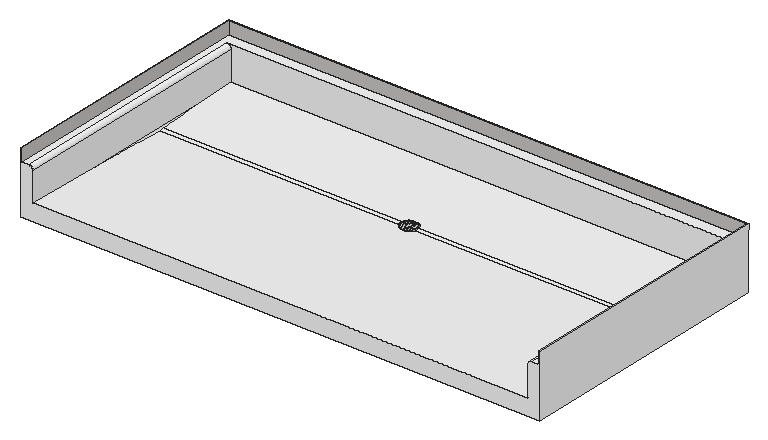
Revit family "Shower_Base-Acorn-Terrazzo_Ware-SBADA-6030-3F", category Plumbing Fixtures, Revit 2019
Family settings
  Round Connector Dimension = Use Diameter
  Part Type = Normal
  OmniClass Number = 23.45.05.14.17
  OmniClass Title = Showers
  Work Plane-Based = Yes
  Always vertical = No
  Cut with Voids When Loaded = No
  Shared = Yes
  Room Calculation Point = No
Parameters (values of type "SBADA-6030-3F")
  Waste Connection Radius = 1.00"
  Waste Connection Diameter = 2.00"  # constant formula
  Waste Connection = yes
  WFU = 4  # constant formula
  Vent Connection = no
  VRSVandal Resistant Strainer = no
  URL = "https://www.acorneng.com/"
  Strainer Finish = Metal-Acorn-Stainless Steel
  Product Page URL = "https://www.acorneng.com/terrazzo-shower-base-sbada-6030-3f"
  Product Documentation Link = "https://www.acorneng.com/uploads/fileLibrary/sbada.pdf"
  Other = 0.61984"
  Model = "SBADA-6030-3F"
  Material = "Precast Terazzo-Acorn-White"
  Manufacturer = "Acorn Engineering"
  KDG2Drain Gasket 2" = no
  Installation Type = "Floor Mounted"
  Height = 7.50"
  HWFU = 3  # constant formula
  HW Connection = no
  Flange Material = Metal-Acorn-Galvanized Steel
  Finish = Precast Terazzo-Acorn-White
  A-Dimension = 60.00"
  B-Dimension = 30.00"
  Description = "60\" x 30\" ID Terrazzo ADA Shower Base"
  Default Elevation = 0.00"
  Creation Date = "04/12/2023"  # constant formula
  Compressive Strength = "3,000 PSI"
  Compliance Certifications = "Terrazzo Shower Bases have Third Party Certification of conformance with\r\nCSA B45.8/IAPMO Z403 Terrazzo, Concrete and Natural Stone Plumbing Fixtures"
  CWFU = 3  # constant formula
  CW Connection = no
  D-Dimension = 31.50"
  Assembly Code = "D2010710"
  ADA Compliant = yes
  C-Dimension = 63.00"
Reference planes (in)
  plane 1 "Center (Front/Back)": y = 0
  plane 2: z = 0
  plane 3 "Center (Left/Right)": x = 0
  plane 4: x = -31.5
  plane 5: x = 31.5
  plane 6: y = 11.69
  plane 7: y = -19.81
  plane 8: x = 42.25
  plane 9: x = -30
  plane 10: x = 30
  plane 11: z = 6
  plane 12: z = 7.5
  plane 13: y = 14.75
  plane 14: z = 1.5
  plane 15: y = 10.19
  plane 16: y = -0.31
Forms (in)
  Sweep 1, solid, material "Precast Terazzo-Acorn-White" <- "Finish"
    path origin (0, 0, 0) x (1, 0, 0) y (0, 1, 0)
      loop
        line (-31.5, -19.81) -> (-31.5, 11.69) -> (31.5, 11.69) -> (31.5, -19.81)
    profile origin (-31.5, -4.06, 0) x (-1, 0, 0) y (0, 0, 1)
      loop
        line (0, 0) -> (0, 7.5) -> (-0.125, 7.5) -> (-0.125, 6) -> (-1, 6)
        arc (-1, 6) -> (-1.35355, 5.85355) -> (-1.5, 5.5) r 0.5
        line (-1.5, 5.5) -> (-1.5, 1.75)
        arc (-1.5, 1.75) -> (-1.64645, 1.39645) -> (-2, 1.25) r 0.5
        line (-2, 1.25) -> (-2.625, 1.25) -> (-2.625, 0) -> (0, 0)
  Extrusion 2, solid, material "Precast Terazzo-Acorn-White" <- "Finish"
    sketch origin (0, 0, 0) x (0, 1, 0) y (0, 0, 1)
      loop
        line (-19.81, 0) -> (11.69, 0) -> (11.69, 6) -> (10.19, 6) -> (10.19, 2) -> (-0.09488, 1.51024)
        arc (-0.09488, 1.51024) -> (-0.3737, 1.50206) -> (-0.65263, 1.50405) r 7.6456
        line (-0.65263, 1.50405) -> (-19.81, 1.99054) -> (-19.81, 0)
    from -31.5 to 31.5
  Extrusion 3, solid, material "Metal-Acorn-Stainless Steel" <- "Strainer Finish"
    sketch origin (-0.03125, 17.96737, 0) x (1, 0, 0) y (0, 1, 0)
      loop
        circle (0.03125, -18.28125) r 1
      loop
        arc (-0.56278, -17.62454) -> (-0.58041, -17.64094) -> (-0.59759, -17.6578) r 0.88551
        arc (-0.59759, -17.6578) -> (-0.60092, -17.67481) -> (-0.5865, -17.68443) r 0.01563
        line (-0.5865, -17.68443) -> (0.649, -17.68443)
        arc (0.649, -17.68443) -> (0.66342, -17.67481) -> (0.66009, -17.6578) r 0.01563
        arc (0.66009, -17.6578) -> (0.64308, -17.6411) -> (0.62562, -17.62485) r 0.88551
        arc (0.62562, -17.62485) -> (0.57208, -17.59189) -> (0.51026, -17.58038) r 0.17188
        line (0.51026, -17.58038) -> (-0.44813, -17.58038)
        arc (-0.44813, -17.58038) -> (-0.50956, -17.59181) -> (-0.56278, -17.62454) r 0.1709
      loop
        arc (0.37653, -17.49978) -> (0.39245, -17.48682) -> (0.38299, -17.46859) r 0.01626
        arc (0.38299, -17.46859) -> (0.02969, -17.39574) -> (-0.32335, -17.46984) r 0.88551
        arc (-0.32335, -17.46984) -> (-0.33239, -17.48735) -> (-0.31709, -17.49978) r 0.01563
        line (-0.31709, -17.49978) -> (0.37653, -17.49978)
      loop
        arc (-0.71135, -17.79888) -> (-0.72592, -17.82211) -> (-0.73978, -17.84577) r 0.88551
        arc (-0.73978, -17.84577) -> (-0.73967, -17.86133) -> (-0.72617, -17.86908) r 0.01563
        line (-0.72617, -17.86908) -> (-0.12634, -17.86908)
        spline (-0.12634, -17.86908) -> (-0.11909, -17.85699) -> (-0.11164, -17.84547) -> (-0.104, -17.83455) -> (-0.09617, -17.82424) -> (-0.08817, -17.81454) -> (-0.08001, -17.80548) -> (-0.0717, -17.79706) -> (-0.06325, -17.7893) -> (-0.05466, -17.78221) -> (-0.04597, -17.7758) -> (-0.03716, -17.77007) -> (-0.02827, -17.76504)
        line (-0.02827, -17.76504) -> (-0.649, -17.76504)
        arc (-0.649, -17.76504) -> (-0.68447, -17.77404) -> (-0.71135, -17.79888) r 0.07435
      loop
        arc (-0.80033, -17.97695) -> (-0.80934, -18.00279) -> (-0.81754, -18.02891) r 0.88551
        arc (-0.81754, -18.02891) -> (-0.81451, -18.04596) -> (-0.79903, -18.05372) r 0.01931
        line (-0.79903, -18.05372) -> (-0.19438, -18.05372)
        spline (-0.19438, -18.05372) -> (-0.19228, -18.04451) -> (-0.19009, -18.03538) -> (-0.18782, -18.02635) -> (-0.18547, -18.0174) -> (-0.18304, -18.00856) -> (-0.18053, -17.99982) -> (-0.17794, -17.99118) -> (-0.17527, -17.98266) -> (-0.17253, -17.97424) -> (-0.16971, -17.96593) -> (-0.16682, -17.95775) -> (-0.16385, -17.94968)
        line (-0.16385, -17.94968) -> (-0.76132, -17.94968)
        arc (-0.76132, -17.94968) -> (-0.78512, -17.95717) -> (-0.80033, -17.97695) r 0.04155
      loop
        arc (-0.84727, -18.17018) -> (-0.84963, -18.19083) -> (-0.85151, -18.21153) r 0.88551
        arc (-0.85151, -18.21153) -> (-0.84498, -18.23037) -> (-0.82672, -18.23836) r 0.02487
        line (-0.82672, -18.23836) -> (-0.21766, -18.23836)
        spline (-0.21766, -18.23836) -> (-0.21729, -18.22957) -> (-0.21685, -18.22079) -> (-0.21634, -18.21203) -> (-0.21576, -18.20329) -> (-0.21512, -18.19457) -> (-0.2144, -18.18587) -> (-0.21362, -18.1772) -> (-0.21277, -18.16856) -> (-0.21186, -18.15995) -> (-0.21088, -18.15137) -> (-0.20983, -18.14283) -> (-0.20871, -18.13432)
        line (-0.20871, -18.13432) -> (-0.8066, -18.13432)
        arc (-0.8066, -18.13432) -> (-0.83371, -18.14457) -> (-0.84727, -18.17018) r 0.041
      loop
        arc (0.77385, -17.79888) -> (0.74697, -17.77404) -> (0.7115, -17.76504) r 0.07435
        line (0.7115, -17.76504) -> (0.09077, -17.76504)
        spline (0.09077, -17.76504) -> (0.09966, -17.77007) -> (0.10847, -17.7758) -> (0.11716, -17.78221) -> (0.12575, -17.7893) -> (0.1342, -17.79706) -> (0.14251, -17.80548) -> (0.15067, -17.81454) -> (0.15867, -17.82424) -> (0.1665, -17.83455) -> (0.17414, -17.84547) -> (0.18159, -17.85699) -> (0.18884, -17.86908)
        line (0.18884, -17.86908) -> (0.78867, -17.86908)
        arc (0.78867, -17.86908) -> (0.80217, -17.86133) -> (0.80228, -17.84577) r 0.01563
        arc (0.80228, -17.84577) -> (0.78842, -17.82211) -> (0.77385, -17.79888) r 0.88551
      loop
        arc (0.86283, -17.97695) -> (0.84762, -17.95717) -> (0.82382, -17.94968) r 0.04155
        line (0.82382, -17.94968) -> (0.22635, -17.94968)
        spline (0.22635, -17.94968) -> (0.22932, -17.95775) -> (0.23221, -17.96593) -> (0.23503, -17.97424) -> (0.23777, -17.98266) -> (0.24044, -17.99118) -> (0.24303, -17.99982) -> (0.24554, -18.00856) -> (0.24797, -18.0174) -> (0.25032, -18.02635) -> (0.25259, -18.03538) -> (0.25478, -18.04451) -> (0.25688, -18.05372)
        line (0.25688, -18.05372) -> (0.86153, -18.05372)
        arc (0.86153, -18.05372) -> (0.87701, -18.04596) -> (0.88004, -18.02891) r 0.01931
        arc (0.88004, -18.02891) -> (0.87184, -18.00279) -> (0.86283, -17.97695) r 0.88551
      loop
        arc (0.90977, -18.17018) -> (0.89621, -18.14457) -> (0.8691, -18.13432) r 0.041
        line (0.8691, -18.13432) -> (0.27121, -18.13432)
        spline (0.27121, -18.13432) -> (0.27233, -18.14283) -> (0.27338, -18.15137) -> (0.27436, -18.15995) -> (0.27527, -18.16856) -> (0.27612, -18.1772) -> (0.2769, -18.18587) -> (0.27762, -18.19457) -> (0.27826, -18.20329) -> (0.27884, -18.21203) -> (0.27935, -18.22079) -> (0.27979, -18.22957) -> (0.28016, -18.23836)
        line (0.28016, -18.23836) -> (0.88922, -18.23836)
        arc (0.88922, -18.23836) -> (0.90748, -18.23037) -> (0.91401, -18.21153) r 0.02487
        arc (0.91401, -18.21153) -> (0.91213, -18.19083) -> (0.90977, -18.17018) r 0.88551
      loop
        arc (-0.56278, -18.93796) -> (-0.50956, -18.97069) -> (-0.44813, -18.98212) r 0.1709
        line (-0.44813, -18.98212) -> (0.51026, -18.98212)
        arc (0.51026, -18.98212) -> (0.57208, -18.97061) -> (0.62562, -18.93765) r 0.17188
        arc (0.62562, -18.93765) -> (0.64308, -18.9214) -> (0.66009, -18.9047) r 0.88551
        arc (0.66009, -18.9047) -> (0.66342, -18.88769) -> (0.649, -18.87807) r 0.01563
        line (0.649, -18.87807) -> (-0.5865, -18.87807)
        arc (-0.5865, -18.87807) -> (-0.60092, -18.88769) -> (-0.59759, -18.9047) r 0.01563
        arc (-0.59759, -18.9047) -> (-0.58041, -18.92156) -> (-0.56278, -18.93796) r 0.88551
      loop
        line (0.37653, -19.06272) -> (-0.31709, -19.06272)
        arc (-0.31709, -19.06272) -> (-0.33239, -19.07515) -> (-0.32335, -19.09266) r 0.01563
        arc (-0.32335, -19.09266) -> (0.02969, -19.16676) -> (0.38299, -19.09391) r 0.88551
        arc (0.38299, -19.09391) -> (0.39245, -19.07568) -> (0.37653, -19.06272) r 0.01626
      loop
        arc (-0.71135, -18.76362) -> (-0.68447, -18.78846) -> (-0.649, -18.79746) r 0.07435
        line (-0.649, -18.79746) -> (-0.02827, -18.79746)
        spline (-0.02827, -18.79746) -> (-0.03716, -18.79243) -> (-0.04597, -18.7867) -> (-0.05466, -18.78029) -> (-0.06325, -18.7732) -> (-0.0717, -18.76544) -> (-0.08001, -18.75702) -> (-0.08817, -18.74796) -> (-0.09617, -18.73826) -> (-0.104, -18.72795) -> (-0.11164, -18.71703) -> (-0.11909, -18.70551) -> (-0.12634, -18.69342)
        line (-0.12634, -18.69342) -> (-0.72617, -18.69342)
        arc (-0.72617, -18.69342) -> (-0.73967, -18.70117) -> (-0.73978, -18.71673) r 0.01563
        arc (-0.73978, -18.71673) -> (-0.72592, -18.74039) -> (-0.71135, -18.76362) r 0.88551
      loop
        arc (-0.80033, -18.58555) -> (-0.78512, -18.60533) -> (-0.76132, -18.61282) r 0.04155
        line (-0.76132, -18.61282) -> (-0.16385, -18.61282)
        spline (-0.16385, -18.61282) -> (-0.16682, -18.60475) -> (-0.16971, -18.59657) -> (-0.17253, -18.58826) -> (-0.17527, -18.57984) -> (-0.17794, -18.57132) -> (-0.18053, -18.56268) -> (-0.18304, -18.55394) -> (-0.18547, -18.5451) -> (-0.18782, -18.53615) -> (-0.19009, -18.52712) -> (-0.19228, -18.51799) -> (-0.19438, -18.50878)
        line (-0.19438, -18.50878) -> (-0.79903, -18.50878)
        arc (-0.79903, -18.50878) -> (-0.81451, -18.51654) -> (-0.81754, -18.53359) r 0.01931
        arc (-0.81754, -18.53359) -> (-0.80934, -18.55971) -> (-0.80033, -18.58555) r 0.88551
      loop
        arc (-0.84727, -18.39232) -> (-0.83371, -18.41793) -> (-0.8066, -18.42818) r 0.041
        line (-0.8066, -18.42818) -> (-0.20871, -18.42818)
        spline (-0.20871, -18.42818) -> (-0.20983, -18.41967) -> (-0.21088, -18.41113) -> (-0.21186, -18.40255) -> (-0.21277, -18.39394) -> (-0.21362, -18.3853) -> (-0.2144, -18.37663) -> (-0.21512, -18.36793) -> (-0.21576, -18.35921) -> (-0.21634, -18.35047) -> (-0.21685, -18.34171) -> (-0.21729, -18.33293) -> (-0.21766, -18.32414)
        line (-0.21766, -18.32414) -> (-0.82672, -18.32414)
        arc (-0.82672, -18.32414) -> (-0.84498, -18.33213) -> (-0.85151, -18.35097) r 0.02487
        arc (-0.85151, -18.35097) -> (-0.84963, -18.37167) -> (-0.84727, -18.39232) r 0.88551
      loop
        arc (0.77385, -18.76362) -> (0.78842, -18.74039) -> (0.80228, -18.71673) r 0.88551
        arc (0.80228, -18.71673) -> (0.80217, -18.70117) -> (0.78867, -18.69342) r 0.01563
        line (0.78867, -18.69342) -> (0.18884, -18.69342)
        spline (0.18884, -18.69342) -> (0.18159, -18.70551) -> (0.17414, -18.71703) -> (0.1665, -18.72795) -> (0.15867, -18.73826) -> (0.15067, -18.74796) -> (0.14251, -18.75702) -> (0.1342, -18.76544) -> (0.12575, -18.7732) -> (0.11716, -18.78029) -> (0.10847, -18.7867) -> (0.09966, -18.79243) -> (0.09077, -18.79746)
        line (0.09077, -18.79746) -> (0.7115, -18.79746)
        arc (0.7115, -18.79746) -> (0.74697, -18.78846) -> (0.77385, -18.76362) r 0.07435
      loop
        arc (0.86283, -18.58555) -> (0.87184, -18.55971) -> (0.88004, -18.53359) r 0.88551
        arc (0.88004, -18.53359) -> (0.87701, -18.51654) -> (0.86153, -18.50878) r 0.01931
        line (0.86153, -18.50878) -> (0.25688, -18.50878)
        spline (0.25688, -18.50878) -> (0.25478, -18.51799) -> (0.25259, -18.52712) -> (0.25032, -18.53615) -> (0.24797, -18.5451) -> (0.24554, -18.55394) -> (0.24303, -18.56268) -> (0.24044, -18.57132) -> (0.23777, -18.57984) -> (0.23503, -18.58826) -> (0.23221, -18.59657) -> (0.22932, -18.60475) -> (0.22635, -18.61282)
        line (0.22635, -18.61282) -> (0.82382, -18.61282)
        arc (0.82382, -18.61282) -> (0.84762, -18.60533) -> (0.86283, -18.58555) r 0.04155
      loop
        arc (0.90977, -18.39232) -> (0.91213, -18.37167) -> (0.91401, -18.35097) r 0.88551
        arc (0.91401, -18.35097) -> (0.90748, -18.33213) -> (0.88922, -18.32414) r 0.02487
        line (0.88922, -18.32414) -> (0.28016, -18.32414)
        spline (0.28016, -18.32414) -> (0.27979, -18.33293) -> (0.27935, -18.34171) -> (0.27884, -18.35047) -> (0.27826, -18.35921) -> (0.27762, -18.36793) -> (0.2769, -18.37663) -> (0.27612, -18.3853) -> (0.27527, -18.39394) -> (0.27436, -18.40255) -> (0.27338, -18.41113) -> (0.27233, -18.41967) -> (0.27121, -18.42818)
        line (0.27121, -18.42818) -> (0.8691, -18.42818)
        arc (0.8691, -18.42818) -> (0.89621, -18.41793) -> (0.90977, -18.39232) r 0.041
    from 1.54671 to 0
Cuts and joins
  joined: Sweep 1, Extrusion 2
Lines and regions (in)
  Split face 1
    outline origin (-31.5, -19.81, 0) x (1, 0, 0) y (0, 0, 1)
      loop
        line (0.125, 6) -> (0, 6)
  Split face 2
    outline origin (-31.5, -19.81, 0) x (1, 0, 0) y (0, 0, 1)
      loop
        line (62.875, 6) -> (63, 6)
  Split face 3
    outline origin (-31.5, -19.81, 7) x (0, 1, 0) y (0, 0, -1)
      loop
        line (0, 1) -> (31.5, 1)
  Split face 4
    outline origin (-31.5, 11.69, 7) x (1, 0, 0) y (0, 0, -1)
      loop
        line (0, 1) -> (63, 1)
  Split face 5
    outline origin (31.5, 11.69, 7) x (0, -1, 0) y (0, 0, -1)
      loop
        line (0, 1) -> (31.5, 1)
Dimensions and locks (in)
  "D-Dimension": plane 6 to plane 7
  plane 7 to plane 6 = 31.50"
  equal spacing: plane 9, plane 3 "Center (Left/Right)", plane 10
  "A-Dimension": plane 9 to plane 10
  locked: Sweep 1 sketch curve to Sweep 1 sketch curve at 0.125
  locked: Sweep 1 sketch curve to plane 9 at 1.125
  locked: plane 11 to level at 6
  "Height": plane 12 to level
  equal spacing: plane 4, plane 3 "Center (Left/Right)", plane 5
  "C-Dimension": plane 4 to plane 5
  plane 12 to plane 11 = 1.50"
  locked: Extrusion 2 sketch curve to Extrusion 2 sketch curve at 1.5
  locked: Extrusion 2 sketch curve to Extrusion 2 sketch curve at 2
  locked: plane 14 to level at 1.5
  "B-Dimension": plane 7 to plane 15
  locked: plane 6 to plane 16 at 12
  plane 3 "Center (Left/Right)" to plane 5 = 31.50"
  "Waste Connection Radius": radius of Extrusion 3 sketch curve
  aligned and locked: plane 4 to Extrusion 2
  aligned and locked: plane 5 to Extrusion 2
  aligned and locked: Sweep 1 sketch curve to plane 9
  aligned and locked: Sweep 1 sketch curve to plane 4
  aligned and locked: Sweep 1 sketch curve to plane 6
  aligned and locked: Sweep 1 sketch curve to plane 5
  aligned and locked: Sweep 1 sketch curve to plane 12
  aligned and locked: Sweep 1 sketch curve to plane 11
  aligned and locked: Sweep 1 sketch curve to profile plane
  aligned and locked: Extrusion 2 sketch curve to level
  aligned and locked: plane 6 to Extrusion 2 sketch curve
  aligned and locked: Extrusion 2 sketch curve to plane 7
  aligned and locked: Extrusion 3 to level
Automatic sketch dimensions
  plane 7 to Sweep 1 sketch curve = 0.00"  (x2)
  Sweep 1 sketch curve to profile plane = 0.00"
  Sweep 1 sketch curve to Sweep 1 sketch curve = 0.625"
  Sweep 1 sketch curve to Sweep 1 sketch curve = 0.50"
  level to Sweep 1 sketch curve = 1.25"
  Extrusion 3 sketch curve to Extrusion 3 sketch curve = 0.00"  (x97)
  Extrusion 3 sketch curve to Extrusion 3 sketch curve = 0.02012"  (x4)
  Extrusion 3 sketch curve to Extrusion 3 sketch curve = 0.00756"  (x4)
  Extrusion 3 sketch curve to Extrusion 3 sketch curve = 0.03772"  (x4)
  Extrusion 3 sketch curve to Extrusion 3 sketch curve = 0.03515"  (x4)
  Extrusion 3 sketch curve to Extrusion 3 sketch curve = 0.07717"  (x4)
  Extrusion 3 sketch curve to Extrusion 3 sketch curve = 0.0625"  (x4)
  Extrusion 3 sketch curve to Extrusion 3 sketch curve = 0.13837"  (x2)
  Extrusion 3 sketch curve to Extrusion 3 sketch curve = 0.13104"  (x2)
  Extrusion 3 sketch curve to Extrusion 3 sketch curve = 0.23047"
  Extrusion 3 sketch curve to Extrusion 3 sketch curve = 0.00895"  (x3)
  Extrusion 3 sketch curve to Extrusion 3 sketch curve = 0.01433"  (x4)
  Extrusion 3 sketch curve to Extrusion 3 sketch curve = 0.03053"  (x4)
  Extrusion 3 sketch curve to Extrusion 3 sketch curve = 0.03751"  (x4)
  Extrusion 3 sketch curve to Extrusion 3 sketch curve = 0.09807"  (x4)
  Extrusion 3 sketch curve to Extrusion 3 sketch curve = 0.24891"
  Extrusion 3 sketch curve to Extrusion 3 sketch curve = 0.11903"  (x2)
  Extrusion 3 sketch curve to Extrusion 3 sketch curve = 0.28576"  (x2)
  Extrusion 3 sketch curve to Extrusion 3 sketch curve = 0.13373"  (x2)
  Extrusion 3 sketch curve to Extrusion 3 sketch curve = 0.13874"  (x2)
  Extrusion 3 sketch curve to plane 7 = 18.69838"
  Extrusion 3 sketch curve to Extrusion 3 sketch curve = 0.00064"
  Extrusion 3 sketch curve to Extrusion 3 sketch curve = 0.01562"  (x5)
  Extrusion 3 sketch curve to Extrusion 3 sketch curve = 0.0806"  (x10)
  Extrusion 3 sketch curve to Extrusion 3 sketch curve = 0.08842"  (x3)
  Extrusion 3 sketch curve to Extrusion 3 sketch curve = 0.06686"
  Extrusion 3 sketch curve to Extrusion 3 sketch curve = 0.06783"
  Extrusion 3 sketch curve to Extrusion 3 sketch curve = 0.08061"  (x3)
  Extrusion 3 sketch curve to Extrusion 3 sketch curve = 0.07435"  (x2)
  Extrusion 3 sketch curve to Extrusion 3 sketch curve = 0.01407"  (x4)
  Extrusion 3 sketch curve to Extrusion 3 sketch curve = 0.10404"  (x7)
  Extrusion 3 sketch curve to Extrusion 3 sketch curve = 0.04155"  (x2)
  Extrusion 3 sketch curve to Extrusion 3 sketch curve = 0.04318"  (x4)
  Extrusion 3 sketch curve to Extrusion 3 sketch curve = 0.01931"  (x4)
  Extrusion 3 sketch curve to Extrusion 3 sketch curve = 0.041"  (x3)
  Extrusion 3 sketch curve to Extrusion 3 sketch curve = 0.03817"  (x4)
  Extrusion 3 sketch curve to Extrusion 3 sketch curve = 0.02487"  (x3)
  Extrusion 3 sketch curve to Extrusion 3 sketch curve = 0.04288"
  Extrusion 3 sketch curve to Extrusion 3 sketch curve = 0.08577"  (x2)
  Extrusion 3 sketch curve to Extrusion 3 sketch curve = 0.01563"  (x2)
  Extrusion 3 sketch curve to Extrusion 3 sketch curve = 0.01278"
  Extrusion 3 sketch curve to Extrusion 3 sketch curve = 0.01375"
  Extrusion 3 sketch curve to Extrusion 3 sketch curve = 0.01626"
  Extrusion 3 sketch curve to Extrusion 3 sketch curve = 0.00026"
  Extrusion 3 sketch curve to Extrusion 3 sketch curve = 0.05926"
  Extrusion 3 sketch curve to Extrusion 3 sketch curve = 0.00051"  (x2)
  Extrusion 3 sketch curve to Extrusion 3 sketch curve = 0.01639"
  Extrusion 3 sketch curve to Extrusion 3 sketch curve = 0.00047"
  Split face 1 sketch curve to cut or joined group of Sweep 1, Extrusion 2 = 0.00"  (x2)
  cut or joined group of Sweep 1, Extrusion 2 to Split face 1 sketch curve = 0.00"
  cut or joined group of Sweep 1, Extrusion 2 to Split face 2 sketch curve = 0.00"
  Split face 2 sketch curve to cut or joined group of Sweep 1, Extrusion 2 = 0.00"  (x2)
  Split face 3 sketch curve to cut or joined group of Sweep 1, Extrusion 2 = 0.00"  (x2)
  Split face 3 sketch curve to cut or joined group of Sweep 1, Extrusion 2 = 1.50"
  cut or joined group of Sweep 1, Extrusion 2 to Split face 4 sketch curve = 0.00"
  Split face 4 sketch curve to cut or joined group of Sweep 1, Extrusion 2 = 0.00"
  Split face 4 sketch curve to cut or joined group of Sweep 1, Extrusion 2 = 1.50"
  Split face 5 sketch curve to cut or joined group of Sweep 1, Extrusion 2 = 0.00"  (x2)
  Split face 5 sketch curve to cut or joined group of Sweep 1, Extrusion 2 = 1.50"
  Extrusion 3 sketch curve to plane 3 "Center (Left/Right)" = 0.00"
  Extrusion 2 sketch curve to plane 11 = 0.00"
  plane 14 to Extrusion 2 sketch curve = 0.00405"
  Extrusion 2 sketch curve to plane 16 = 0.34263"
  Extrusion 2 sketch curve to plane 16 = 0.14854"
  plane 14 to Extrusion 2 sketch curve = 0.01024"
  plane 1 "Center (Front/Back)" to Extrusion 2 sketch curve = 0.09488"
  plane 14 to Extrusion 2 sketch curve = 0.49054"
Connectors (in)
  piping at (0, -0.31388, 0), diameter 2, driven by "Waste Connection Diameter", driven by "WFU"
    settings: on Extrusion 3, index 1, connector inside diameter 24", connector length 0.00", flow factor 0, pipe flow 0 GPM, pressure drop 0.00 psi, fitting loss kfactor 0, connector angle 0.00°, fixture units 4, engagement length 0.00", angle of deflection 0.00°, flow configuration 3, flow direction 2, fitting loss method 0, system type 16, joint type 0, gender type 0, connector reference index -1, connector utility 0, adjustable connector no, is connector primary yes, connector description "2\" Waste Outlet Connection"
